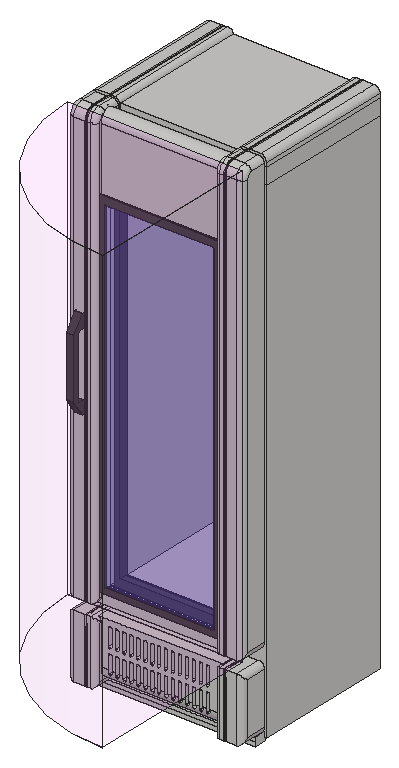
Revit family "QF_TRUE_GDM-15-RTO-HC-LD", category Specialty Equipment, Revit 2014
Parameters
  Weight in Pounds = 258
  Watts = Volts * FL Amps  # 230 W
  Volts = 115 V
  URL Cutsheet = ""
  Specification by User = ""
  Specification by Manufacturer = ""
  Show Clearance [instance] = yes
  Serial Number = ""
  Seismic Rating = ""
  SMACNA No = ""
  Revision Code = ""
  Phase = 1
  Number of Poles = 1
  NAFEM Spec ID Number = ""
  Model = "GDM-15-RTO-HC-LD"
  Min Ckt Ampacity = 0 A
  Max Overcurrent Protection = 0 A
  Material Finishes [instance] = QF_Finishes_Silver
  Masterspec = ""
  Manufacturer = "TRUE FOOD SERVICE EQUIPMENT, INC."
  Length = 24 7/8"
  Item Number = ""
  Installed By = ""
  Identify Quantity as Lot = yes
  Height = 75"
  HP = "1/6"
  Furnished By = ""
  Foodservice Equipment Identifier = yes
  FL Amps = 2 A
  Electrical Remarks = ""
  Electric Connection Type = ""
  Elec Conn RI Height = 0"
  Elec Conn Connection Height = 0"
  Description = "GLASS DOOR MERCHANDISER"
  Depth = 24 5/8"
  Cycle = 60 Hz
  Conn Plug = "NEMA 5-15P"
  Conn Conduit = yes
  CSI MasterFormat = ""
  Apparent Power = 0 VA
Reference planes (in)
  plane 1 "BACK": y = 0
  plane 2: z = 0
  plane 3 "LEFT": x = 0
  plane 4 "RIGHT": x = 24.875
  plane 5 "FRONT": y = -24.625
  plane 6 "TOP": z = 75
  plane 7 "Center Y": x = 12.4375
  plane 8 "Center X": y = -12.3125
  plane 9: y = -26.125
  plane 10: x = 3.9375
  plane 11: x = 20.9375
  plane 12: x = 22.875
  plane 13: x = 1.9375
  plane 14: z = 10.375
  plane 15: z = 64.43373
  plane 16: x = 1.96875
  plane 17: x = 22.90625
  plane 18: z = 13.55873
  plane 19: x = 22.90625
  plane 20: x = 1.96875
Forms (in)
  Extrusion 1, void
    sketch origin (0, 0, 0) x (0, 1, 0) y (0, 0, 1)
      loop
        line (-20.1314, 75) -> (-21.25, 75) -> (-21.25, 11) -> (-20.1314, 11) -> (-20.1314, 75)
    from 0 to 24.875
  Extrusion 2, solid, material "QF_Finishes_Silver" <- "Material Finishes"
    sketch origin (0, 0, 0) x (0, 1, 0) y (0, 0, 1)
      loop
        line (-23.59987, 71.32917) -> (-20.75, 71.32917) -> (-20.75, 73.35357)
        arc (-20.75, 73.35357) -> (-22.17493, 74.7785) -> (-23.59987, 73.35357) r 1.42493
        line (-23.59987, 73.35357) -> (-23.59987, 71.32917)
    from 1.9375 to 22.875
  Extrusion 3, solid, material "QF_Finishes_Silver" <- "Material Finishes"
    sketch origin (0.18743, 0, 1.125) x (1, 0, 0) y (0, 0, 1)
      loop
        line (3.43757, 70.20417) -> (3.43757, 11) -> (21.3282, 11) -> (21.3282, 70.20417) -> (3.43757, 70.20417)
    from 23.12161 to 23.59987
  Extrusion 4, solid, material "QF_Finishes_Black"
    sketch origin (0, -20.1314, 2.73323) x (0, 0, -1) y (1, 0, 0)
      loop
        line (-68.59594, 0.78944) -> (-9.388, 0.78944) -> (-9.388, 23.75) -> (-68.59594, 23.75) -> (-68.59594, 0.78944)
    from 0 to 1.1186
  Extrusion 5, solid, material "QF_Finishes_Silver"
    sketch origin (0, 0, 0) x (1, 0, 0) y (0, 0, 1)
      loop
        line (3.6466, 10.375) -> (3.6466, 2.48323) -> (21.3534, 2.48323) -> (21.3534, 10.375) -> (3.6466, 10.375)
      loop
        line (5.15766, 9.34599) -> (5.15766, 6.9575)
        arc (5.15766, 6.9575) -> (5.40766, 6.7075) -> (5.65766, 6.9575) r 0.25
        line (5.65766, 6.9575) -> (5.65766, 9.34599)
        arc (5.65766, 9.34599) -> (5.40766, 9.59599) -> (5.15766, 9.34599) r 0.25
      loop
        line (6.15766, 9.34599) -> (6.15766, 6.9575)
        arc (6.15766, 6.9575) -> (6.40766, 6.7075) -> (6.65766, 6.9575) r 0.25
        line (6.65766, 6.9575) -> (6.65766, 9.34599)
        arc (6.65766, 9.34599) -> (6.40766, 9.59599) -> (6.15766, 9.34599) r 0.25
      loop
        line (7.15766, 9.34599) -> (7.15766, 6.9575)
        arc (7.15766, 6.9575) -> (7.40766, 6.7075) -> (7.65766, 6.9575) r 0.25
        line (7.65766, 6.9575) -> (7.65766, 9.34599)
        arc (7.65766, 9.34599) -> (7.40766, 9.59599) -> (7.15766, 9.34599) r 0.25
      loop
        line (8.15766, 9.34599) -> (8.15766, 6.9575)
        arc (8.15766, 6.9575) -> (8.40766, 6.7075) -> (8.65766, 6.9575) r 0.25
        line (8.65766, 6.9575) -> (8.65766, 9.34599)
        arc (8.65766, 9.34599) -> (8.40766, 9.59599) -> (8.15766, 9.34599) r 0.25
      loop
        line (9.15766, 9.34599) -> (9.15766, 6.9575)
        arc (9.15766, 6.9575) -> (9.40766, 6.7075) -> (9.65766, 6.9575) r 0.25
        line (9.65766, 6.9575) -> (9.65766, 9.34599)
        arc (9.65766, 9.34599) -> (9.40766, 9.59599) -> (9.15766, 9.34599) r 0.25
      loop
        line (10.15766, 9.34599) -> (10.15766, 6.9575)
        arc (10.15766, 6.9575) -> (10.40766, 6.7075) -> (10.65766, 6.9575) r 0.25
        line (10.65766, 6.9575) -> (10.65766, 9.34599)
        arc (10.65766, 9.34599) -> (10.40766, 9.59599) -> (10.15766, 9.34599) r 0.25
      loop
        line (11.15766, 9.34599) -> (11.15766, 6.9575)
        arc (11.15766, 6.9575) -> (11.40766, 6.7075) -> (11.65766, 6.9575) r 0.25
        line (11.65766, 6.9575) -> (11.65766, 9.34599)
        arc (11.65766, 9.34599) -> (11.40766, 9.59599) -> (11.15766, 9.34599) r 0.25
      loop
        line (12.09516, 9.34599) -> (12.09516, 6.9575)
        arc (12.09516, 6.9575) -> (12.34516, 6.7075) -> (12.59516, 6.9575) r 0.25
        line (12.59516, 6.9575) -> (12.59516, 9.34599)
        arc (12.59516, 9.34599) -> (12.34516, 9.59599) -> (12.09516, 9.34599) r 0.25
      loop
        line (13.09516, 9.34599) -> (13.09516, 6.9575)
        arc (13.09516, 6.9575) -> (13.34516, 6.7075) -> (13.59516, 6.9575) r 0.25
        line (13.59516, 6.9575) -> (13.59516, 9.34599)
        arc (13.59516, 9.34599) -> (13.34516, 9.59599) -> (13.09516, 9.34599) r 0.25
      loop
        line (14.09516, 9.34599) -> (14.09516, 6.9575)
        arc (14.09516, 6.9575) -> (14.34516, 6.7075) -> (14.59516, 6.9575) r 0.25
        line (14.59516, 6.9575) -> (14.59516, 9.34599)
        arc (14.59516, 9.34599) -> (14.34516, 9.59599) -> (14.09516, 9.34599) r 0.25
      loop
        line (15.09516, 9.34599) -> (15.09516, 6.9575)
        arc (15.09516, 6.9575) -> (15.34516, 6.7075) -> (15.59516, 6.9575) r 0.25
        line (15.59516, 6.9575) -> (15.59516, 9.34599)
        arc (15.59516, 9.34599) -> (15.34516, 9.59599) -> (15.09516, 9.34599) r 0.25
      loop
        line (16.09516, 9.34599) -> (16.09516, 6.9575)
        arc (16.09516, 6.9575) -> (16.34516, 6.7075) -> (16.59516, 6.9575) r 0.25
        line (16.59516, 6.9575) -> (16.59516, 9.34599)
        arc (16.59516, 9.34599) -> (16.34516, 9.59599) -> (16.09516, 9.34599) r 0.25
      loop
        line (17.09516, 9.34599) -> (17.09516, 6.9575)
        arc (17.09516, 6.9575) -> (17.34516, 6.7075) -> (17.59516, 6.9575) r 0.25
        line (17.59516, 6.9575) -> (17.59516, 9.34599)
        arc (17.59516, 9.34599) -> (17.34516, 9.59599) -> (17.09516, 9.34599) r 0.25
      loop
        line (18.09516, 9.34599) -> (18.09516, 6.9575)
        arc (18.09516, 6.9575) -> (18.34516, 6.7075) -> (18.59516, 6.9575) r 0.25
        line (18.59516, 6.9575) -> (18.59516, 9.34599)
        arc (18.59516, 9.34599) -> (18.34516, 9.59599) -> (18.09516, 9.34599) r 0.25
      loop
        line (19.09516, 9.34599) -> (19.09516, 6.9575)
        arc (19.09516, 6.9575) -> (19.34516, 6.7075) -> (19.59516, 6.9575) r 0.25
        line (19.59516, 6.9575) -> (19.59516, 9.34599)
        arc (19.59516, 9.34599) -> (19.34516, 9.59599) -> (19.09516, 9.34599) r 0.25
      loop
        line (5.15766, 5.85799) -> (5.15766, 3.46949)
        arc (5.15766, 3.46949) -> (5.40766, 3.21949) -> (5.65766, 3.46949) r 0.25
        line (5.65766, 3.46949) -> (5.65766, 5.85799)
        arc (5.65766, 5.85799) -> (5.40766, 6.10799) -> (5.15766, 5.85799) r 0.25
      loop
        line (6.15766, 5.85799) -> (6.15766, 3.46949)
        arc (6.15766, 3.46949) -> (6.40766, 3.21949) -> (6.65766, 3.46949) r 0.25
        line (6.65766, 3.46949) -> (6.65766, 5.85799)
        arc (6.65766, 5.85799) -> (6.40766, 6.10799) -> (6.15766, 5.85799) r 0.25
      loop
        line (7.15766, 5.85799) -> (7.15766, 3.46949)
        arc (7.15766, 3.46949) -> (7.40766, 3.21949) -> (7.65766, 3.46949) r 0.25
        line (7.65766, 3.46949) -> (7.65766, 5.85799)
        arc (7.65766, 5.85799) -> (7.40766, 6.10799) -> (7.15766, 5.85799) r 0.25
      loop
        line (8.15766, 5.85799) -> (8.15766, 3.46949)
        arc (8.15766, 3.46949) -> (8.40766, 3.21949) -> (8.65766, 3.46949) r 0.25
        line (8.65766, 3.46949) -> (8.65766, 5.85799)
        arc (8.65766, 5.85799) -> (8.40766, 6.10799) -> (8.15766, 5.85799) r 0.25
      loop
        line (9.15766, 5.85799) -> (9.15766, 3.46949)
        arc (9.15766, 3.46949) -> (9.40766, 3.21949) -> (9.65766, 3.46949) r 0.25
        line (9.65766, 3.46949) -> (9.65766, 5.85799)
        arc (9.65766, 5.85799) -> (9.40766, 6.10799) -> (9.15766, 5.85799) r 0.25
      loop
        line (10.15766, 5.85799) -> (10.15766, 3.46949)
        arc (10.15766, 3.46949) -> (10.40766, 3.21949) -> (10.65766, 3.46949) r 0.25
        line (10.65766, 3.46949) -> (10.65766, 5.85799)
        arc (10.65766, 5.85799) -> (10.40766, 6.10799) -> (10.15766, 5.85799) r 0.25
      loop
        line (11.15766, 5.85799) -> (11.15766, 3.46949)
        arc (11.15766, 3.46949) -> (11.40766, 3.21949) -> (11.65766, 3.46949) r 0.25
        line (11.65766, 3.46949) -> (11.65766, 5.85799)
        arc (11.65766, 5.85799) -> (11.40766, 6.10799) -> (11.15766, 5.85799) r 0.25
      loop
        line (12.09516, 5.85799) -> (12.09516, 3.46949)
        arc (12.09516, 3.46949) -> (12.34516, 3.21949) -> (12.59516, 3.46949) r 0.25
        line (12.59516, 3.46949) -> (12.59516, 5.85799)
        arc (12.59516, 5.85799) -> (12.34516, 6.10799) -> (12.09516, 5.85799) r 0.25
      loop
        line (13.09516, 5.85799) -> (13.09516, 3.46949)
        arc (13.09516, 3.46949) -> (13.34516, 3.21949) -> (13.59516, 3.46949) r 0.25
        line (13.59516, 3.46949) -> (13.59516, 5.85799)
        arc (13.59516, 5.85799) -> (13.34516, 6.10799) -> (13.09516, 5.85799) r 0.25
      loop
        line (14.09516, 5.85799) -> (14.09516, 3.46949)
        arc (14.09516, 3.46949) -> (14.34516, 3.21949) -> (14.59516, 3.46949) r 0.25
        line (14.59516, 3.46949) -> (14.59516, 5.85799)
        arc (14.59516, 5.85799) -> (14.34516, 6.10799) -> (14.09516, 5.85799) r 0.25
      loop
        line (15.09516, 5.85799) -> (15.09516, 3.46949)
        arc (15.09516, 3.46949) -> (15.34516, 3.21949) -> (15.59516, 3.46949) r 0.25
        line (15.59516, 3.46949) -> (15.59516, 5.85799)
        arc (15.59516, 5.85799) -> (15.34516, 6.10799) -> (15.09516, 5.85799) r 0.25
      loop
        line (16.09516, 5.85799) -> (16.09516, 3.46949)
        arc (16.09516, 3.46949) -> (16.34516, 3.21949) -> (16.59516, 3.46949) r 0.25
        line (16.59516, 3.46949) -> (16.59516, 5.85799)
        arc (16.59516, 5.85799) -> (16.34516, 6.10799) -> (16.09516, 5.85799) r 0.25
      loop
        line (17.09516, 5.85799) -> (17.09516, 3.46949)
        arc (17.09516, 3.46949) -> (17.34516, 3.21949) -> (17.59516, 3.46949) r 0.25
        line (17.59516, 3.46949) -> (17.59516, 5.85799)
        arc (17.59516, 5.85799) -> (17.34516, 6.10799) -> (17.09516, 5.85799) r 0.25
      loop
        line (18.09516, 5.85799) -> (18.09516, 3.46949)
        arc (18.09516, 3.46949) -> (18.34516, 3.21949) -> (18.59516, 3.46949) r 0.25
        line (18.59516, 3.46949) -> (18.59516, 5.85799)
        arc (18.59516, 5.85799) -> (18.34516, 6.10799) -> (18.09516, 5.85799) r 0.25
      loop
        line (19.09516, 5.85799) -> (19.09516, 3.46949)
        arc (19.09516, 3.46949) -> (19.34516, 3.21949) -> (19.59516, 3.46949) r 0.25
        line (19.59516, 3.46949) -> (19.59516, 5.85799)
        arc (19.59516, 5.85799) -> (19.34516, 6.10799) -> (19.09516, 5.85799) r 0.25
    from 20.52199 to 23.59987
  Extrusion 6, void
    sketch origin (0, 0, 0) x (0, 1, 0) y (0, 0, 1)
      loop
        arc (-21.46111, 1.75267) -> (-22.97344, 2.3791) -> (-23.59987, 3.89143) r 2.13876
        line (-23.59987, 3.89143) -> (-23.59987, 1.75267) -> (-21.46111, 1.75267)
    from 2.75 to 22.0461
  Extrusion 7, void
    sketch origin (0, 0, 0) x (1, 0, 0) y (0, 0, 1)
      loop
        line (4.86979, 63.39167) -> (4.86979, 14.40881) -> (20.43229, 14.40881) -> (20.43229, 63.39167) -> (4.86979, 63.39167)
    from 2.09966 to 23.89709
  Extrusion 8, solid, material "QF_Finishes_Black"
    sketch origin (0, 0, 0) x (1, 0, 0) y (0, 0, 1)
      loop
        line (4.86979, 63.39167) -> (4.86979, 14.40881) -> (20.30729, 14.40881) -> (20.30729, 63.39167) -> (4.86979, 63.39167)
      loop
        line (3.92965, 64.43373) -> (3.92965, 13.55873) -> (20.92965, 13.55873) -> (20.92965, 64.43373) -> (3.92965, 64.43373)
    from 23.0556 to 23.89709
  Extrusion 9, solid, material "Glass"
    sketch origin (0, -23.89709, 0) x (1, 0, 0) y (0, 0, 1)
      loop
        line (4.86979, 63.39167) -> (4.86979, 14.40881) -> (20.43229, 14.40881) -> (20.43229, 63.39167) -> (4.86979, 63.39167)
    from 0 to -0.5
  Extrusion 10, solid, material "QF_Plastic - Black - Matte"
    sketch origin (0.71875, 0, 0) x (0, 1, 0) y (0, 0, 1)
      loop
        line (-24.625, 48.82917) -> (-26.125, 46.65539) -> (-26.125, 38.15539) -> (-24.625, 35.93155) -> (-24.43004, 35.93155) -> (-24.43004, 37.80675) -> (-25.25637, 37.80675) -> (-25.43314, 37.98353) -> (-25.43314, 46.63822) -> (-25.14099, 46.93037) -> (-24.43004, 46.93037) -> (-24.43004, 48.82917) -> (-24.625, 48.82917)
    from 0.40657 to 1.49575
  Extrusion 11, solid, material "QF_Finishes_Silver" <- "Material Finishes"
    sketch origin (0, 0, 0) x (0, 1, 0) y (0, 0, 1)
      loop
        line (-21.63271, 0) -> (-19.88271, 0) -> (-19.88271, 0.69271) -> (-20.1314, 0.69271) -> (-20.1314, 1.27991) -> (-21.63271, 1.22748) -> (-21.63271, 0.62186) -> (-21.63271, 0)
    from 0.51723 to 24.47306
  Extrusion 12, solid, material "QF_Finishes_Silver" <- "Material Finishes"
    sketch origin (0, 0, 0) x (0, 1, 0) y (0, 0, 1)
      loop
        line (-1.78831, 0) -> (-0.18447, 0) -> (-0.18447, 0.69271) -> (-1.78831, 0.69271) -> (-1.78831, 0)
    from 21.98147 to 23.70555
  Extrusion 13, solid, material "QF_Finishes_Silver"
    sketch origin (24.96875, 0, 0) x (0, 1, 0) y (0, 0, -1)
      loop
        line (-1.78831, 0) -> (-1.78831, -0.69271) -> (-0.18447, -0.69271) -> (-0.18447, 0) -> (-1.78831, 0)
    from 21.98147 to 23.70555
  Extrusion 14, solid, material "QF_Finishes_Silver"
    sketch origin (0, -23.89709, 0) x (1, 0, 0) y (0, 0, 1)
      loop
        circle (4.56588, 67.27344) r 0.5
    from -24.64247 to -23.89709
  Extrusion 15, solid, material "QF_Finishes_Silver" <- "Material Finishes"
    sketch origin (0, 0, 0) x (0, 1, 0) y (0, 0, 1)
      loop
        line (0, 0.69271) -> (0, 71.32917) -> (-20.1314, 71.32917) -> (-20.1314, 0.69271) -> (0, 0.69271)
    from 0 to 24.875
  Sweep 16, solid, material "QF_Finishes_Silver" <- "Material Finishes"
    path origin (0, -68.43004, 0) x (0, 1, 0) y (0, 0, 1)
      loop
        line (47.875, 75) -> (45.5, 75)
        arc (45.5, 75) -> (44.43934, 74.56066) -> (44, 73.5) r 1.5
        line (44, 73.5) -> (44, 12.12123) -> (47.86634, 12.12123)
    profile origin (0, -21.74254, 75) x (0, 0, -1) y (1, 0, 0)
      loop
        line (1.4036, 3.9375) -> (0.70287, 3.9375)
        arc (0.70287, 3.9375) -> (0.20587, 3.73163) -> (0, 3.23463) r 0.70287
        line (0, 3.23463) -> (0, 2.65109) -> (0.03855, 2.65109) -> (0.03855, 2.4424) -> (0, 2.4424) -> (0, 0.85502)
        arc (0, 0.85502) -> (0.25043, 0.25043) -> (0.85502, 0) r 0.85502
        line (0.85502, 0) -> (1.4036, 0) -> (1.4036, 3.9375)
  Sweep 17, solid, material "QF_Finishes_Silver" <- "Material Finishes"
    path origin (0, -68.43004, 0) x (0, 1, 0) y (0, 0, 1)
      loop
        line (68.43004, 75) -> (48.29864, 75)
    profile origin (0, -10.0657, 75) x (0, 0, -1) y (1, 0, 0)
      loop
        line (0, 3.23463) -> (0, 2.65109) -> (0.03855, 2.65109) -> (0.03855, 2.4424) -> (0, 2.4424) -> (0, 0.85502)
        arc (0, 0.85502) -> (0.25043, 0.25043) -> (0.85502, 0) r 0.85502
        line (0.85502, 0) -> (1.4036, 0) -> (1.4036, 3.9375) -> (0.70287, 3.9375)
        arc (0.70287, 3.9375) -> (0.20587, 3.73163) -> (0, 3.23463) r 0.70287
  Sweep 18, solid, material "QF_Finishes_Silver" <- "Material Finishes"
    path origin (24.875, -68.43004, 0) x (0, 1, 0) y (0, 0, -1)
      loop
        line (47.875, -75) -> (45.5, -75)
        arc (45.5, -75) -> (44.43934, -74.56066) -> (44, -73.5) r 1.5
        line (44, -73.5) -> (44, -12.12123) -> (47.86634, -12.12123)
    profile origin (24.875, -21.74254, 75) x (0, 0, 1) y (-1, 0, 0)
      loop
        line (-1.4036, 3.9375) -> (-1.4036, 0) -> (-0.85502, 0)
        arc (-0.85502, 0) -> (-0.25043, 0.25043) -> (0, 0.85502) r 0.85502
        line (0, 0.85502) -> (0, 2.4424) -> (-0.03855, 2.4424) -> (-0.03855, 2.65109) -> (0, 2.65109) -> (0, 3.23463)
        arc (0, 3.23463) -> (-0.20587, 3.73163) -> (-0.70287, 3.9375) r 0.70287
        line (-0.70287, 3.9375) -> (-1.4036, 3.9375)
  Extrusion 19, solid, material "QF_Finishes_Silver" <- "Material Finishes"
    sketch origin (0, -23.59987, 64.77711) x (0, 0, 1) y (-1, 0, 0)
      loop
        line (6.55206, -12.4375) -> (6.55206, -22.80745) -> (6.55206, -24.875) -> (8.81929, -24.875) -> (8.81929, -20.9375) -> (9.6604, -20.9375) -> (9.6604, -3.9375) -> (8.81929, -3.9375) -> (8.81929, 0) -> (6.55206, 0) -> (6.55206, -2.06755) -> (6.55206, -12.4375)
    from -23.59987 to -3.46847
  Sweep 20, solid, material "QF_Finishes_Silver" <- "Material Finishes"
    path origin (24.875, -68.43004, 0) x (0, 1, 0) y (0, 0, -1)
      loop
        line (68.43004, -75) -> (48.29864, -75)
    profile origin (24.875, -10.0657, 75) x (0, 0, 1) y (-1, 0, 0)
      loop
        arc (0, 3.23463) -> (-0.20587, 3.73163) -> (-0.70287, 3.9375) r 0.70287
        line (-0.70287, 3.9375) -> (-1.4036, 3.9375) -> (-1.4036, 0) -> (-0.85502, 0)
        arc (-0.85502, 0) -> (-0.25043, 0.25043) -> (0, 0.85502) r 0.85502
        line (0, 0.85502) -> (0, 2.4424) -> (-0.03855, 2.4424) -> (-0.03855, 2.65109) -> (0, 2.65109) -> (0, 3.23463)
  Extrusion 21, solid, material "QF_Finishes_Silver" <- "Material Finishes"
    sketch origin (0, 0, 0) x (0, 1, 0) y (0, 0, 1)
      loop
        line (-20.55504, 73.5964) -> (-23.02644, 73.5964) -> (-23.02644, 13.52483) -> (-20.55504, 13.52483) -> (-20.55504, 73.5964)
    from 0 to 3.92965
  Extrusion 22, solid, material "QF_Finishes_Silver" <- "Material Finishes"
    sketch origin (24.875, 0, 0) x (0, 1, 0) y (0, 0, -1)
      loop
        line (-20.55504, -73.5964) -> (-20.55504, -13.52483) -> (-23.02644, -13.52483) -> (-23.02644, -73.5964) -> (-20.55504, -73.5964)
    from 0 to 3.92965
  Sweep 23, solid, material "QF_Metal - Stainless - Polished Brushed"
    path origin (0, 0, 0) x (0, 1, 0) y (0, 0, 1)
      loop
        line (-20.55504, 74.96145) -> (-22.93004, 74.96145)
        arc (-22.93004, 74.96145) -> (-23.96345, 74.5334) -> (-24.39149, 73.5) r 1.46145
        line (-24.39149, 73.5) -> (-24.39149, 12.15977) -> (-20.5637, 12.15977)
    profile origin (0, -21.74254, 74.96145) x (0, 0, -1) y (1, 0, 0)
      loop
        line (0, 2.4424) -> (0, 2.65109) -> (-0.03855, 2.65109) -> (-0.03855, 2.4424) -> (0, 2.4424)
  Sweep 24, solid, material "QF_Metal - Stainless - Polished Brushed"
    path origin (24.875, 0, 0) x (0, 1, 0) y (0, 0, -1)
      loop
        line (-20.55504, -74.96145) -> (-22.93004, -74.96145)
        arc (-22.93004, -74.96145) -> (-23.96345, -74.5334) -> (-24.39149, -73.5) r 1.46145
        line (-24.39149, -73.5) -> (-24.39149, -12.15977) -> (-20.5637, -12.15977)
    profile origin (24.875, -21.74254, 74.96145) x (0, 0, 1) y (-1, 0, 0)
      loop
        line (0, 2.4424) -> (0.03855, 2.4424) -> (0.03855, 2.65109) -> (0, 2.65109) -> (0, 2.4424)
  Extrusion 25, solid, material "QF_Metal - Stainless - Polished Brushed"
    sketch origin (0, -23.59987, 64.77711) x (0, 0, 1) y (-1, 0, 0)
      loop
        line (10.18434, -2.65109) -> (10.22289, -2.65109) -> (10.22289, -2.4424) -> (10.18434, -2.4424) -> (10.18434, -2.65109)
      loop
        line (10.18434, -22.4326) -> (10.22289, -22.4326) -> (10.22289, -22.22391) -> (10.18434, -22.22391) -> (10.18434, -22.4326)
    from -3.46847 to -23.59987
  Extrusion 26, solid, material "QF_Finishes_Silver"
    sketch origin (0, -20.1314, 64.77711) x (0, 0, 1) y (-1, 0, 0)
      loop
        line (7.67706, -3.9375) -> (7.67706, -20.9375) -> (9.6604, -20.9375) -> (9.6604, -3.9375) -> (7.67706, -3.9375)
    from 0 to 0.05078
  Sweep 27, solid, material "QF_Finishes_Silver" <- "Material Finishes"
    path origin (24.875, -68.43004, -64.58645) x (0, 1, 0) y (0, 0, -1)
      loop
        line (47.875, -75) -> (44, -75) -> (44, -65.87123) -> (47.86634, -65.87123)
    profile origin (24.875, -22.49254, 10.41355) x (0, 0, 1) y (-1, 0, 0)
      loop
        line (-1.4036, 3.9375) -> (-1.4036, 0) -> (-0.85502, 0)
        arc (-0.85502, 0) -> (-0.25043, 0.25043) -> (0, 0.85502) r 0.85502
        line (0, 0.85502) -> (0, 2.4424) -> (-0.03855, 2.4424) -> (-0.03855, 2.65109) -> (0, 2.65109) -> (0, 3.23463)
        arc (0, 3.23463) -> (-0.20587, 3.73163) -> (-0.70287, 3.9375) r 0.70287
        line (-0.70287, 3.9375) -> (-1.4036, 3.9375)
  Extrusion 28, solid, material "QF_Finishes_Silver" <- "Material Finishes"
    sketch origin (24.875, 0, -64.58645) x (0, 1, 0) y (0, 0, -1)
      loop
        line (-20.55504, -73.5964) -> (-20.55504, -67.27483) -> (-23.02644, -67.27483) -> (-23.02644, -73.5964) -> (-20.55504, -73.5964)
    from 0 to 3.92965
  Sweep 29, solid, material "QF_Metal - Stainless - Polished Brushed"
    path origin (24.875, 0, -64.58645) x (0, 1, 0) y (0, 0, -1)
      loop
        line (-20.55504, -74.96145) -> (-22.93004, -74.96145)
        arc (-22.93004, -74.96145) -> (-23.96345, -74.5334) -> (-24.39149, -73.5) r 1.46145
        line (-24.39149, -73.5) -> (-24.39149, -65.90977) -> (-20.5637, -65.90977)
    profile origin (24.875, -21.74254, 10.375) x (0, 0, 1) y (-1, 0, 0)
      loop
        line (0, 2.4424) -> (0.03855, 2.4424) -> (0.03855, 2.65109) -> (0, 2.65109) -> (0, 2.4424)
  Sweep 30, solid, material "QF_Finishes_Silver" <- "Material Finishes"
    path origin (0, -68.43004, -64.58645) x (0, 1, 0) y (0, 0, 1)
      loop
        line (47.875, 75) -> (44, 75) -> (44, 65.87123) -> (47.86634, 65.87123)
    profile origin (0, -22.49254, 10.41355) x (0, 0, -1) y (1, 0, 0)
      loop
        line (1.4036, 3.9375) -> (0.70287, 3.9375)
        arc (0.70287, 3.9375) -> (0.20587, 3.73163) -> (0, 3.23463) r 0.70287
        line (0, 3.23463) -> (0, 2.65109) -> (0.03855, 2.65109) -> (0.03855, 2.4424) -> (0, 2.4424) -> (0, 0.85502)
        arc (0, 0.85502) -> (0.25043, 0.25043) -> (0.85502, 0) r 0.85502
        line (0.85502, 0) -> (1.4036, 0) -> (1.4036, 3.9375)
  Extrusion 31, solid, material "QF_Finishes_Silver" <- "Material Finishes"
    sketch origin (0, 0, -64.58645) x (0, 1, 0) y (0, 0, 1)
      loop
        line (-20.55504, 73.5964) -> (-23.02644, 73.5964) -> (-23.02644, 67.27483) -> (-20.55504, 67.27483) -> (-20.55504, 73.5964)
    from 0 to 3.92965
  Sweep 32, solid, material "QF_Metal - Stainless - Polished Brushed"
    path origin (0, 0, -64.58645) x (0, 1, 0) y (0, 0, 1)
      loop
        line (-20.55504, 74.96145) -> (-22.93004, 74.96145)
        arc (-22.93004, 74.96145) -> (-23.96345, 74.5334) -> (-24.39149, 73.5) r 1.46145
        line (-24.39149, 73.5) -> (-24.39149, 65.90977) -> (-20.5637, 65.90977)
    profile origin (0, -21.74254, 10.375) x (0, 0, -1) y (1, 0, 0)
      loop
        line (0, 2.4424) -> (0, 2.65109) -> (-0.03855, 2.65109) -> (-0.03855, 2.4424) -> (0, 2.4424)
  Extrusion 33, solid, material "QF_Door-Drawer Clearances", visible <- "Show Clearance"
    sketch origin (21.51563, -0.85502, 12.125) x (0, 1, 0) y (1, 0, 0)
      loop
        line (-23.57502, -21.51563) -> (-23.57502, 3.35937) -> (-48.45002, 3.35937)
        arc (-48.45002, 3.35937) -> (-41.1643, -14.22991) -> (-23.57502, -21.51563) r 24.875
    from 0 to -62.875
Cuts and joins
  Extrusion 1 cuts Extrusion 2
  Extrusion 7 cuts Extrusion 3
  joined: Extrusion 2, Extrusion 3
  Extrusion 7 cuts Extrusion 4
  Extrusion 6 cuts Extrusion 5
  Extrusion 7 cuts Extrusion 15
  joined: Sweep 18, Extrusion 22
  joined: Sweep 16, Extrusion 21
  joined: Sweep 27, Extrusion 28
  joined: Sweep 30, Extrusion 31
Lines and regions (in)
  symbolic lines
    curve 1: line (20.9375, -23.68224, 0) -> (3.92965, -23.68224, 0)
    curve 2: line (0, -23.57502, 0) -> (0, 0, 0)
    curve 3: line (0, 0, 0) -> (24.875, 0, 0)
    curve 4: line (24.875, 0, 0) -> (24.875, -22.4375, 0)
    curve 5: line (20.9375, -23.89709, 0) -> (20.9375, -23.68224, 0)
    curve 6: line (3.92965, -23.89709, 0) -> (3.92965, -23.83194, 0)
    curve 7: line (0, -20.1314, 0) -> (24.875, -20.1314, 0)
    curve 8: line (24.875, -20.49855, 0) -> (0, -20.49855, 0)
    curve 9: line (3.9375, -20.1314, 0) -> (3.9375, 0, 0)
    curve 10: line (20.9375, 0, 0) -> (20.9375, -20.1314, 0)
    curve 11: line (2.06755, -20.1314, 0) -> (2.06755, 0, 0)
    curve 12: line (1.85886, 0, 0) -> (1.85886, -20.1314, 0)
    curve 13: arc (0, -23.57502, 0) -> (0.25043, -24.17961, 0) -> (0.85502, -24.43004, 0) r 0.85502
    curve 14: arc (3.23463, -24.43004, 0) -> (3.6931, -24.25993, 0) -> (3.92965, -23.83194, 0) r 0.70287
    curve 15: line (0.85502, -24.43004, 0) -> (2.4424, -24.43004, 0)
    curve 16: arc (20.9375, -23.72717, 0) -> (21.14337, -24.22418, 0) -> (21.64037, -24.43004, 0) r 0.70287
    curve 17: line (22.4326, -24.43004, 0) -> (24.01998, -24.43004, 0)
    curve 18: arc (24.01998, -24.43004, 0) -> (24.62457, -24.17961, 0) -> (24.875, -23.57502, 0) r 0.85502
    curve 19: line (24.875, -23.57502, 0) -> (24.875, -22.4375, 0)
    curve 20: line (3.92965, -23.83194, 0) -> (3.92965, -23.68224, 0)
    curve 21: line (3.92965, -23.89709, 0) -> (20.9375, -23.89709, 0)
    curve 22: line (22.80745, -20.1314, 0) -> (22.80745, 0, 0)
    curve 23: line (23.01614, -20.1314, 0) -> (23.01614, 0, 0)
    curve 24: line (20.9375, -23.68224, 0) -> (20.9375, -20.49855, 0)
    curve 25: line (3.92965, -23.68224, 0) -> (3.92965, -20.49855, 0)
    curve 26: line (1.12532, -24.43004, 0) -> (1.12532, -26.125, 0)
    curve 27: line (1.12532, -26.125, 0) -> (2.2145, -26.125, 0)
    curve 28: line (2.2145, -26.125, 0) -> (2.2145, -24.43004, 0)
    curve 29: line (2.65109, -24.43004, 0) -> (3.23463, -24.43004, 0)
    curve 30: line (2.65109, -24.43004, 0) -> (2.65109, -24.39149, 0)
    curve 31: line (2.65109, -24.39149, 0) -> (2.4424, -24.39149, 0)
    curve 32: line (2.4424, -24.39149, 0) -> (2.4424, -24.43004, 0)
    curve 33: line (2.4424, -24.39149, 0) -> (2.4424, -20.48319, 0)
    curve 34: line (21.64037, -24.43004, 0) -> (22.22391, -24.43004, 0)
    curve 35: line (22.22391, -24.43004, 0) -> (22.22391, -24.39149, 0)
    curve 36: line (22.22391, -24.39149, 0) -> (22.4326, -24.39149, 0)
    curve 37: line (22.4326, -24.39149, 0) -> (22.4326, -24.43004, 0)
    curve 38: line (22.22391, -24.39149, 0) -> (22.22391, -20.49855, 0)
    curve 39: line (22.4326, -24.39149, 0) -> (22.4326, -20.49855, 0)
  symbolic lines, style "QF_Door-Drawer Clearances"
    curve 40: line (24.875, -24.43004, 0) -> (3.33262, -36.86754, 0)
    curve 41: arc (3.33262, -36.86754, 0) -> (0.8476, -30.86817, 0) -> (0, -24.43004, 0) r 24.875
Dimensions and locks (in)
  equal spacing: plane 3 "LEFT", plane 7 "Center Y", plane 4 "RIGHT"
  "Length": plane 3 "LEFT" to plane 4 "RIGHT"
  equal spacing: plane 5 "FRONT", plane 8 "Center X", plane 1 "BACK"
  "Depth": plane 5 "FRONT" to plane 1 "BACK"
  "Height": plane 6 "TOP" to level
  plane 9 to plane 5 "FRONT" = 1 1/2"  (x2)
  plane 5 "FRONT" to plane 1 "BACK" = 24 5/8"
  plane 6 "TOP" to level = 75"
  plane 4 "RIGHT" to plane 3 "LEFT" = 24 7/8"
  plane 6 "TOP" to plane 14 = 64 5/8"
  plane 9 to plane 1 "BACK" = 26 1/8"
  plane 10 to plane 7 "Center Y" to plane 11 = 8 1/2", 8 1/2"
  plane 15 to plane 18 = 50 7/8"
  aligned and locked: level to plane 2
Automatic sketch dimensions
  Extrusion 1 sketch curve to plane 6 "TOP" = 0"
  Extrusion 1 sketch curve to plane 5 "FRONT" = 3 3/8"
  Extrusion 1 sketch curve to Extrusion 1 sketch curve = 1.1186"
  plane 14 to Extrusion 1 sketch curve = 5/8"
  Extrusion 2 sketch curve to plane 5 "FRONT" = 1.02513"
  Extrusion 2 sketch curve to Extrusion 2 sketch curve = 1.42493"
  Extrusion 2 sketch curve to plane 6 "TOP" = 3.67083"
  Extrusion 2 sketch curve to plane 6 "TOP" = 1.64643"
  plane 10 to Extrusion 3 sketch curve = 5/16"
  Extrusion 3 sketch curve to plane 11 = 37/64"
  Extrusion 3 sketch curve to plane 18 = 1.43373"
  Extrusion 3 sketch curve to plane 6 "TOP" = 3.67083"
  Extrusion 4 sketch curve to plane 12 = 7/8"
  Extrusion 4 sketch curve to plane 6 "TOP" = 3.67083"
  Extrusion 4 sketch curve to plane 18 = 1 7/16"
  plane 3 "LEFT" to Extrusion 4 sketch curve = 0.78944"
  Extrusion 5 sketch curve to plane 14 = 0"
  plane 10 to Extrusion 5 sketch curve = 0.2909"
  Extrusion 5 sketch curve to plane 10 = 1.22016"  (x2)
  Extrusion 5 sketch curve to Extrusion 5 sketch curve = 1/4"  (x28)
  Extrusion 5 sketch curve to Extrusion 5 sketch curve = 1/2"  (x26)
  Extrusion 5 sketch curve to plane 7 "Center Y" = 0.34234"  (x2)
  Extrusion 5 sketch curve to plane 7 "Center Y" = 0.09234"  (x2)
  Extrusion 5 sketch curve to plane 11 = 0.4159"
  Extrusion 5 sketch curve to plane 14 = 1.02901"  (x2)
  Extrusion 5 sketch curve to Extrusion 5 sketch curve = 0"  (x52)
  Extrusion 5 sketch curve to Extrusion 5 sketch curve = 2.3885"  (x4)
  Extrusion 5 sketch curve to Extrusion 5 sketch curve = 1.09951"  (x2)
  Extrusion 5 sketch curve to Extrusion 5 sketch curve = 0.98626"
  Extrusion 6 sketch curve to plane 5 "FRONT" = 1.02513"
  Extrusion 6 sketch curve to Extrusion 6 sketch curve = 2.13876"
  level to Extrusion 6 sketch curve = 1.75267"
  Extrusion 7 sketch curve to plane 10 = 0.93229"
  plane 11 to Extrusion 7 sketch curve = 0.50521"
  plane 18 to Extrusion 7 sketch curve = 0.85009"
  Extrusion 7 sketch curve to plane 15 = 1.04206"
  Extrusion 8 sketch curve to plane 18 = 0"
  Extrusion 8 sketch curve to plane 15 = 0"
  plane 10 to Extrusion 8 sketch curve = 0.00785"
  Extrusion 8 sketch curve to plane 10 = 0.93229"
  plane 11 to Extrusion 8 sketch curve = 0.63021"
  plane 11 to Extrusion 8 sketch curve = 0.00785"
  plane 18 to Extrusion 8 sketch curve = 0.85009"
  Extrusion 8 sketch curve to plane 15 = 1.04206"
  Extrusion 9 sketch curve to Extrusion 8 = 0"  (x3)
  Extrusion 9 sketch curve to Extrusion 8 = 1/8"
  Extrusion 10 sketch curve to plane 9 = 0"
  Extrusion 10 sketch curve to plane 5 "FRONT" = 0"  (x2)
  plane 9 to Extrusion 10 sketch curve = 0.69186"
  Extrusion 10 sketch curve to Extrusion 10 sketch curve = 0.17678"  (x2)
  Extrusion 10 sketch curve to Extrusion 10 sketch curve = 0.29215"  (x2)
  Extrusion 10 sketch curve to Extrusion 10 sketch curve = 0.19496"
  Extrusion 10 sketch curve to plane 5 "FRONT" = 0.19496"
  plane 18 to Extrusion 10 sketch curve = 22.37282"
  Extrusion 10 sketch curve to Extrusion 10 sketch curve = 1.87521"
  Extrusion 10 sketch curve to Extrusion 10 sketch curve = 11/64"
  Extrusion 10 sketch curve to Extrusion 10 sketch curve = 8.48283"
  Extrusion 10 sketch curve to Extrusion 10 sketch curve = 0.01717"
  Extrusion 10 sketch curve to Extrusion 10 sketch curve = 1.8988"
  Extrusion 11 sketch curve to level = 0"
  Extrusion 11 sketch curve to plane 5 "FRONT" = 2.99229"
  level to Extrusion 11 sketch curve = 0.69271"
  Extrusion 11 sketch curve to Extrusion 11 sketch curve = 1.50131"
  Extrusion 11 sketch curve to Extrusion 11 sketch curve = 0.24869"
  level to Extrusion 11 sketch curve = 0.62186"
  Extrusion 11 sketch curve to Extrusion 11 sketch curve = 0.60562"
  Extrusion 11 sketch curve to Extrusion 11 sketch curve = 0.5872"
  Extrusion 12 sketch curve to level = 0"
  level to Extrusion 12 sketch curve = 0.69271"
  plane 1 "BACK" to Extrusion 12 sketch curve = 1.78831"
  plane 1 "BACK" to Extrusion 12 sketch curve = 0.18447"
  Extrusion 13 sketch curve to level = 0"
  level to Extrusion 13 sketch curve = 0.69271"
  plane 1 "BACK" to Extrusion 13 sketch curve = 1.78831"
  plane 1 "BACK" to Extrusion 13 sketch curve = 0.18447"
  Extrusion 14 sketch curve to Extrusion 8 = 0.30391"
  Extrusion 8 to Extrusion 14 sketch curve = 2.83972"
  Extrusion 15 sketch curve to plane 1 "BACK" = 0"
  Extrusion 15 sketch curve to plane 5 "FRONT" = 4.4936"
  level to Extrusion 15 sketch curve = 0.69271"
  Extrusion 15 sketch curve to plane 6 "TOP" = 3.67083"
  Sweep 16 sketch curve to plane 6 "TOP" = 0"
  Sweep 16 sketch curve to plane 5 "FRONT" = 0.19496"
  Sweep 16 sketch curve to plane 6 "TOP" = 1 1/2"
  Sweep 16 sketch curve to plane 18 = 1 7/16"
  Sweep 16 sketch curve to Sweep 16 sketch curve = 3.86634"
  Sweep 16 sketch curve to Sweep 16 sketch curve = 2 3/8"
  Sweep 16 sketch curve to profile plane = 0"  (x2)
  Sweep 16 sketch curve to plane 3 "LEFT" = 0"
  Sweep 16 sketch curve to profile plane = 0.03855"
  Sweep 16 sketch curve to Sweep 16 sketch curve = 0.70287"
  Sweep 16 sketch curve to profile plane = 0.85502"
  Sweep 16 sketch curve to Sweep 16 sketch curve = 0.54858"
  Sweep 16 sketch curve to plane 16 = 0.47365"
  Sweep 16 sketch curve to Sweep 16 sketch curve = 0.20869"
  Sweep 16 sketch curve to Sweep 16 sketch curve = 0.58354"
  Sweep 17 sketch curve to plane 6 "TOP" = 0"
  Sweep 17 sketch curve to plane 1 "BACK" = 0"
  Sweep 17 sketch curve to plane 5 "FRONT" = 4.4936"
  Sweep 17 sketch curve to profile plane = 0"  (x2)
  Sweep 17 sketch curve to plane 3 "LEFT" = 0"
  Sweep 17 sketch curve to profile plane = 0.03855"
  Sweep 17 sketch curve to Sweep 17 sketch curve = 0.70287"
  Sweep 17 sketch curve to profile plane = 0.85502"
  Sweep 17 sketch curve to Sweep 17 sketch curve = 0.54858"
  Sweep 17 sketch curve to Sweep 17 sketch curve = 1.58737"
  Sweep 17 sketch curve to Sweep 17 sketch curve = 0.20869"
  Sweep 17 sketch curve to Sweep 17 sketch curve = 0.58354"
  Sweep 18 sketch curve to plane 6 "TOP" = 0"
  Sweep 18 sketch curve to plane 5 "FRONT" = 0.19496"
  Sweep 18 sketch curve to plane 6 "TOP" = 1 1/2"
  Sweep 18 sketch curve to plane 18 = 1 7/16"
  Sweep 18 sketch curve to Sweep 18 sketch curve = 3.86634"
  Sweep 18 sketch curve to Sweep 18 sketch curve = 2 3/8"
  profile plane to Sweep 18 sketch curve = 0"
  Sweep 18 sketch curve to profile plane = 0"  (x2)
  profile plane to Sweep 18 sketch curve = 0.03855"
  profile plane to Sweep 18 sketch curve = 0.70287"
  Sweep 18 sketch curve to Sweep 18 sketch curve = 0.85502"
  Sweep 18 sketch curve to Sweep 18 sketch curve = 0.70073"
  Sweep 18 sketch curve to plane 17 = 0.47365"
  Sweep 18 sketch curve to Sweep 18 sketch curve = 0.20869"
  Sweep 18 sketch curve to Sweep 18 sketch curve = 0.58354"
  Extrusion 19 sketch curve to Extrusion 2 = 0"
  Extrusion 2 to Extrusion 19 sketch curve = 0.24283"  (x2)
  Extrusion 19 sketch curve to Extrusion 19 sketch curve = 0.84111"
  Extrusion 19 sketch curve to Extrusion 2 = 2"
  Extrusion 2 to Extrusion 19 sketch curve = 0.06755"
  Extrusion 2 to Extrusion 19 sketch curve = 1 15/16"
  Extrusion 19 sketch curve to Extrusion 19 sketch curve = 8 1/2"
  Extrusion 2 to Extrusion 19 sketch curve = 2"
  Extrusion 2 to Extrusion 19 sketch curve = 0.13005"
  Extrusion 19 sketch curve to Extrusion 2 = 1 15/16"
  Sweep 20 sketch curve to plane 6 "TOP" = 0"
  Sweep 20 sketch curve to plane 1 "BACK" = 0"
  Sweep 20 sketch curve to plane 5 "FRONT" = 4.4936"
  profile plane to Sweep 20 sketch curve = 0"
  Sweep 20 sketch curve to profile plane = 0"  (x2)
  profile plane to Sweep 20 sketch curve = 0.03855"
  profile plane to Sweep 20 sketch curve = 0.70287"
  profile plane to Sweep 20 sketch curve = 0.85502"
  Sweep 20 sketch curve to Sweep 20 sketch curve = 0.70073"
  Sweep 20 sketch curve to Sweep 20 sketch curve = 1.58737"
  Sweep 20 sketch curve to Sweep 20 sketch curve = 0.20869"
  Sweep 20 sketch curve to Sweep 20 sketch curve = 0.58354"
  Extrusion 21 sketch curve to plane 5 "FRONT" = 1.59856"
  Extrusion 21 sketch curve to plane 18 = 0.0339"
  Extrusion 21 sketch curve to Extrusion 21 sketch curve = 2.4714"
  Extrusion 21 sketch curve to plane 6 "TOP" = 1.4036"
  Extrusion 22 sketch curve to plane 5 "FRONT" = 1.59856"
  Extrusion 22 sketch curve to plane 18 = 0.0339"
  Extrusion 22 sketch curve to Extrusion 22 sketch curve = 2.4714"
  Extrusion 22 sketch curve to plane 6 "TOP" = 1.4036"
  Sweep 23 sketch curve to plane 5 "FRONT" = 0.23351"
  Sweep 23 sketch curve to Sweep 23 sketch curve = 1.46145"
  Sweep 23 sketch curve to plane 18 = 1.39895"
  Sweep 23 sketch curve to plane 6 "TOP" = 1 1/2"
  Sweep 23 sketch curve to Sweep 23 sketch curve = 3.8278"
  Sweep 23 sketch curve to Sweep 23 sketch curve = 2 3/8"
  Sweep 23 sketch curve to profile plane = 0"
  profile plane to Sweep 23 sketch curve = 0.03855"
  plane 3 "LEFT" to Sweep 23 sketch curve = 2.4424"
  Sweep 23 sketch curve to Sweep 23 sketch curve = 0.20869"
  Sweep 24 sketch curve to plane 5 "FRONT" = 0.23351"
  Sweep 24 sketch curve to Sweep 24 sketch curve = 1.46145"
  Sweep 24 sketch curve to plane 6 "TOP" = 0.03855"
  Sweep 24 sketch curve to plane 18 = 1.39895"
  Sweep 24 sketch curve to Sweep 24 sketch curve = 3.8278"
  Sweep 24 sketch curve to Sweep 24 sketch curve = 2 3/8"
  Sweep 24 sketch curve to profile plane = 0"
  Sweep 24 sketch curve to profile plane = 0.03855"
  profile plane to Sweep 24 sketch curve = 2.4424"
  Sweep 24 sketch curve to Sweep 24 sketch curve = 0.20869"
  Extrusion 2 to Extrusion 25 sketch curve = 0.71359"
  Extrusion 2 to Extrusion 25 sketch curve = 1.60788"  (x2)
  Extrusion 2 to Extrusion 25 sketch curve = 0.65109"
  Extrusion 25 sketch curve to Extrusion 25 sketch curve = 0.03855"  (x2)
  Extrusion 25 sketch curve to Extrusion 25 sketch curve = 0.20869"  (x2)
  Extrusion 19 to Extrusion 26 sketch curve = 0"  (x2)
  Extrusion 26 sketch curve to Extrusion 19 = 0"
  Extrusion 26 sketch curve to Extrusion 19 = 1 1/8"
  plane 14 to Sweep 27 sketch curve = 0.03855"
  Sweep 27 sketch curve to plane 5 "FRONT" = 0.19496"
  level to Sweep 27 sketch curve = 1.28477"
  Sweep 27 sketch curve to Sweep 27 sketch curve = 3.86634"
  Sweep 27 sketch curve to Sweep 27 sketch curve = 3 7/8"
  profile plane to Sweep 27 sketch curve = 0"
  Sweep 27 sketch curve to profile plane = 0"  (x2)
  profile plane to Sweep 27 sketch curve = 0.03855"
  profile plane to Sweep 27 sketch curve = 0.70287"
  Sweep 27 sketch curve to Sweep 27 sketch curve = 0.85502"
  Sweep 27 sketch curve to Sweep 27 sketch curve = 0.70073"
  Sweep 27 sketch curve to plane 19 = 0.47365"
  Sweep 27 sketch curve to Sweep 27 sketch curve = 0.20869"
  Sweep 27 sketch curve to Sweep 27 sketch curve = 0.58354"
  Extrusion 28 sketch curve to plane 5 "FRONT" = 1.59856"
  Extrusion 28 sketch curve to Extrusion 28 sketch curve = 2.4714"
  Extrusion 28 sketch curve to plane 14 = 1.36505"
  level to Extrusion 28 sketch curve = 2.68838"
  Sweep 29 sketch curve to plane 14 = 0"
  Sweep 29 sketch curve to plane 5 "FRONT" = 0.23351"
  Sweep 29 sketch curve to plane 14 = 1.46145"
  level to Sweep 29 sketch curve = 1.32332"
  Sweep 29 sketch curve to Sweep 29 sketch curve = 3.8278"
  Sweep 29 sketch curve to Sweep 29 sketch curve = 2 3/8"
  Sweep 29 sketch curve to profile plane = 0"
  Sweep 29 sketch curve to profile plane = 0.03855"
  profile plane to Sweep 29 sketch curve = 2.4424"
  Sweep 29 sketch curve to Sweep 29 sketch curve = 0.20869"
  plane 14 to Sweep 30 sketch curve = 0.03855"
  Sweep 30 sketch curve to plane 5 "FRONT" = 0.19496"
  level to Sweep 30 sketch curve = 1.28477"
  Sweep 30 sketch curve to Sweep 30 sketch curve = 3.86634"
  Sweep 30 sketch curve to Sweep 30 sketch curve = 3 7/8"
  Sweep 30 sketch curve to profile plane = 0"  (x3)
  Sweep 30 sketch curve to profile plane = 0.03855"
  Sweep 30 sketch curve to Sweep 30 sketch curve = 0.70287"
  Sweep 30 sketch curve to Sweep 30 sketch curve = 0.85502"
  Sweep 30 sketch curve to Sweep 30 sketch curve = 0.70073"
  Sweep 30 sketch curve to plane 20 = 0.47365"
  Sweep 30 sketch curve to Sweep 30 sketch curve = 0.20869"
  Sweep 30 sketch curve to Sweep 30 sketch curve = 0.58354"
  Extrusion 31 sketch curve to plane 5 "FRONT" = 1.59856"
  Extrusion 31 sketch curve to Extrusion 31 sketch curve = 2.4714"
  level to Extrusion 31 sketch curve = 2.68838"
  Extrusion 31 sketch curve to plane 14 = 1.36505"
  Sweep 32 sketch curve to plane 14 = 0"
  Sweep 32 sketch curve to plane 5 "FRONT" = 0.23351"
  Sweep 32 sketch curve to plane 14 = 1.46145"
  level to Sweep 32 sketch curve = 1.32332"
  Sweep 32 sketch curve to Sweep 32 sketch curve = 3.8278"
  Sweep 32 sketch curve to Sweep 32 sketch curve = 2 3/8"
  Sweep 32 sketch curve to profile plane = 0"
  profile plane to Sweep 32 sketch curve = 0.03855"
  profile plane to Sweep 32 sketch curve = 2.4424"
  Sweep 32 sketch curve to Sweep 32 sketch curve = 0.20869"
  Extrusion 3 to Extrusion 33 sketch curve = 0.83018"
  Extrusion 33 sketch curve to Extrusion 3 = 3 23/64"
  Extrusion 3 to Extrusion 33 sketch curve = 3 5/8"
  curve 8 to plane 3 "LEFT" = 0"
  curve 26 to plane 9 = 0"
  plane 1 "BACK" to curve 12 = 0"
  curve 9 to plane 10 = 0"
  curve 1 to plane 11 = 0"
  curve 10 to plane 11 = 0"
  curve 19 to plane 4 "RIGHT" = 0"
  curve 40 to plane 4 "RIGHT" = 0"
  curve 15 to plane 5 "FRONT" = 0.19496"
  plane 3 "LEFT" to curve 15 = 0.85502"
  plane 13 to curve 26 = 0.81218"
  curve 28 to plane 13 = 0.277"
  curve 28 to curve 15 = 0.2279"
  curve 31 to curve 30 = 0.20869"
  plane 10 to curve 14 = 0.70287"
  plane 10 to curve 6 = 0.00785"
  curve 16 to curve 16 = 0.70287"
  curve 35 to plane 5 "FRONT" = 0.23351"
  curve 16 to curve 35 = 0.58354"
  curve 35 to curve 36 = 0.20869"
  curve 17 to plane 5 "FRONT" = 0.19496"
  curve 17 to curve 40 = 0.85502"
  curve 35 to curve 35 = 0.03855"
  curve 30 to plane 5 "FRONT" = 0.19496"
  curve 29 to curve 30 = 0.03855"
  curve 21 to curve 16 = 0.16992"
  curve 6 to curve 6 = 0.06514"
  curve 14 to curve 1 = 0.14971"
  curve 18 to curve 4 = 1.13752"
  plane 13 to curve 12 = 0.07864"
  curve 11 to plane 13 = 0.13005"
  plane 10 to curve 40 = 0.60488"
  plane 12 to curve 22 = 0.06755"
  curve 23 to plane 12 = 0.14114"
  curve 40 to plane 5 "FRONT" = 0.19496"
  curve 1 to curve 25 = 3.18369"
  curve 25 to curve 33 = 0.01536"
  curve 25 to curve 9 = 0.36715"
  curve 41 to plane 3 "LEFT" = 0"
  curve 41 to plane 4 "RIGHT" = 0"
  curve 41 to curve 40 = 0"
  radius of Extrusion 14 sketch curve = 1/2"
Connectors (in)
  electrical at (4.56588, 0.74538, 67.27344), driven by "Volts", driven by "Watts"
    settings: on Extrusion 14, index 1, voltage 115 V, apparent load 230 VA, apparent load phase1 0 VA, apparent load phase2 0 VA, apparent load phase3 0 VA, power factor 1, load classification "Other", number of poles 1, system type 30, power factor state 1, is connector primary yes, connector utility no, sub classification motor no, connector description "ELECTRICAL CONNECTION"
